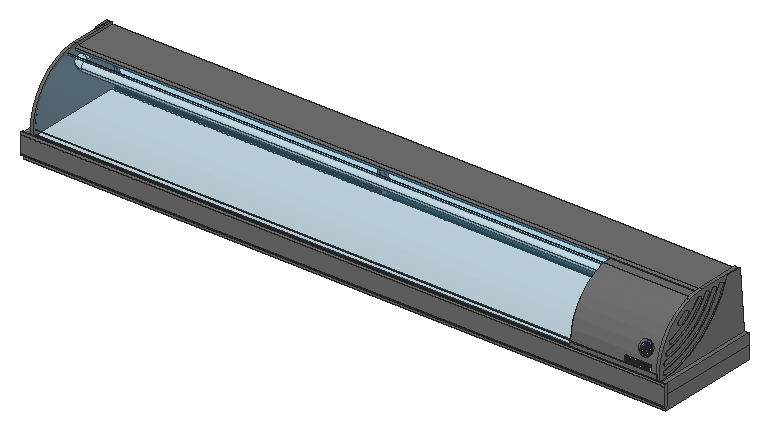
Revit family "QF_HOSHIZAKI_HNC-210BE-R-BH", category Specialty Equipment, Revit 2016
Family settings
  Part Type = Normal
  Round Connector Dimension = Use Diameter
  OmniClass Number = 23.40.40.14
  OmniClass Title = Food Service Equipment
  Work Plane-Based = No
  Always vertical = Yes
  Cut with Voids When Loaded = No
  Shared = No
  Room Calculation Point = No
Parameters (values of type "HNC-210BE-R-BH_230V/1Ph/50Hz")
  Weight = 47.00 kg
  Waste Remarks [instance] = ""
  Volts = 230 V
  URL Cutsheet = ""
  URL = "www.hoshizaki-europe.com"
  Status [instance] = ""
  Specification by User [instance] = ""
  Specification by Manufacturer [instance] = ""
  Serial Number = ""
  Seismic Rating = ""
  SMACNA No = ""
  Revision Code [instance] = ""
  Phase = 1
  Number of Poles = 2
  NAFEM Spec ID Number = ""
  Model = "HNC-210BE-R-BH"
  Min Ckt Ampacity = 0 A
  Max Overcurrent Protection = 0 A
  Masterspec = ""
  Manufacturer = "HOSHIZAKI"
  Length Actual = 2100 mm
  Item Number [instance] = ""
  Installed By [instance] = ""
  Indirect Waste Size = 50.8 mm
  Indirect Waste Connection Type [instance] = ""
  Indirect Waste Connection Height [instance] = 23 mm
  Identify Quantity as Lot [instance] = no
  Height Actual = 270 mm
  HP power = ""
  Furnished By [instance] = ""
  Foodservice Equipment Identifier [instance] = yes
  FL Amps = 0.6 A
  Electric power = 140 W
  Electric Connection Type [instance] = ""
  Elec Conn RI Height [instance] = 0 mm
  Elec Conn Connection Height [instance] = 19 mm
  Direct Waste RI Height [instance] = 0 mm
  Description = "SUSHI CASE, RIGHT SIDED - BLACK"
  Depth Actual = 345 mm
  Cycle = 50 Hz
  Cost = 0
  Conn Plug = ""
  Conn Conduit = no
  CSI MasterFormat = ""
  Assembly Code = "E1090320"
  Apparent Power = 140 VA
  Accessory = no
Reference planes
  plane 1 "Center (Front/Back)": y = 0
  plane 2: z = 0
  plane 3 "Center (Left/Right)": x = 0
Forms (mm)
  Extrusion 1, solid, not visible
    sketch origin (2069, -2, 18) x (1, 0, 0) y (0, 1, 0)
      loop
        line (0, 0) -> (2, 0) -> (2, 2) -> (0, 2) -> (0, 0)
    from 0 to 2
  Extrusion 2, solid, not visible
    sketch origin (67, -2, 22) x (1, 0, 0) y (0, 1, 0)
      loop
        line (0, 0) -> (2, 0) -> (2, 2) -> (0, 2) -> (0, 0)
    from 0 to 2
Dimensions and locks
  aligned and locked: level to plane 2
Nested families
  nested 1: "QF_HOSHIZAKI_HNC-210BE-R-BH_230V_1Ph_50Hz" at (0, 0, 0), type "HNC-210BE-R-BH_230V/1Ph/50Hz"
    with Status "", Specification by User "", Show Clearance yes, Revision Code "", Number of Poles 1, Item Number "", Installed By "", Identify Quantity as Lot no, Furnished By "", Foodservice Equipment Identifier yes, Electrical Remarks "", Electric Connection Type "", Elec Conn RI Height 0 mm, Elec Conn Connection Height 19 mm, Conn Conduit yes
Connectors
  electrical at (2070, 0, 19), driven by "Apparent Power", driven by "Number of Poles", driven by "Volts"
    settings: on Extrusion 1, index 1, voltage 230 V, apparent load 0 VA, apparent load phase1 140 VA, apparent load phase2 0 VA, apparent load phase3 0 VA, power factor 1, load classification "Other", number of poles 2, system type 31, power factor state 1, is connector primary yes, connector utility no, sub classification motor no, connector description "Electric connection for 'HNC-210BE-R-BH'"
  piping at (68, 0, 23), diameter 50.8, driven by "Indirect Waste Size"
    settings: on Extrusion 2, index 2, connector inside diameter 609.6 mm, connector length 0 mm, flow factor 0, pipe flow 0.0 L/s, pressure drop 0.0 Pa, fitting loss kfactor 0, connector angle 0.00°, fixture units 0, engagement length 0 mm, angle of deflection 0.00°, flow configuration 1, flow direction 2, fitting loss method 0, system type 16, joint type 0, gender type 0, connector reference index -1, connector utility 0, adjustable connector no, is connector primary yes, connector description "Drain connection for 'HNC-210BE-R-BH'"
Definition of nested family "QF_HOSHIZAKI_HNC-210BE-R-BH_230V_1Ph_50Hz"
  Parameters (values of type "HNC-210BE-R-BH_230V/1Ph/50Hz")
    Weight in Pounds = 103.6171
    Electric power = 150 W
    Volts = 230 V
    URL Cutsheet = "www.hoshizaki-europe.com"
    URL = "www.hoshizaki-europe.com"
    Status [instance] = ""
    Specification by User [instance] = ""
    Specification by Manufacturer = ""
    Show Logo = yes
    Show Clearance [instance] = yes
    Serial Number = ""
    Seismic Rating = ""
    SMACNA No = ""
    Revision Code [instance] = ""
    Phase = 1
    Number of Poles [instance] = 1
    NAFEM Spec ID Number = ""
    Model = "HNC-210BE-R-BH"
    Min Ckt Ampacity = 0 A
    Max Overcurrent Protection = 0 A
    Masterspec = ""
    Manufacturer = "HOSHIZAKI"
    Item Number [instance] = ""
    Installed By [instance] = ""
    Identify Quantity as Lot [instance] = no
    HP power = "0.201153000000"
    Furnished By [instance] = ""
    Foodservice Equipment Identifier [instance] = yes
    FL Amps = 20 A
    Electrical Remarks [instance] = ""
    Electric Connection Type [instance] = ""
    Elec Conn RI Height [instance] = 0 mm
    Elec Conn Connection Height [instance] = 19 mm
    Description = "SUSHI CASE, RIGHT SIDED - BLACK"
    Cycle = 50 Hz
    Conn Plug = ""
    Conn Conduit [instance] = yes
    CSI MasterFormat = ""
    Assembly Code = "E1090320"
    Apparent Power = 150 VA
  Reference planes
    plane 1 "Back": y = 0
    plane 2: z = 0
    plane 3 "Left": x = 0
    plane 4 "Right": x = 2100
    plane 5 "Front": y = -345
    plane 6 "Top": z = 270
  Forms (mm)
    Extrusion 1, solid
      sketch origin (2100, 0, 0) x (0, 1, 0) y (0, 0, -1)
        loop
          line (-335, -11.612) -> (-340, -11.612)
          arc (-340, -11.612) -> (-343.536, -13.076) -> (-345, -16.612) r 5
          line (-345, -16.612) -> (-345, -73.923)
          arc (-345, -73.923) -> (-343.536, -77.458) -> (-340, -78.923) r 5
          line (-340, -78.923) -> (-335, -78.923) -> (-335, -11.612)
      from 0 to 2100
    Extrusion 2, solid
      sketch origin (2096, 0, 0) x (0, 1, 0) y (0, 0, -1)
        loop
          line (0, 0) -> (-335, 0) -> (-335, -45.267) -> (0, -45.267) -> (0, 0)
      from 2092 to 0
    Extrusion 3, solid
      sketch origin (20, 0, 0) x (0, 1, 0) y (0, 0, 1)
        loop
          line (-335, 77.311) -> (-335, 45.267) -> (0, 45.267) -> (0, 81.612) -> (-16.482, 270) -> (-62.821, 270)
          arc (-62.821, 270) -> (-168.876, 131.23) -> (-335, 77.311) r 293.422
        loop
          arc (-83.709, 252.219) -> (-87.673, 258.508) -> (-95.039, 257.5) r 6.865
          arc (-95.039, 257.5) -> (-185.592, 150.044) -> (-318.029, 103.066) r 268.422
          arc (-318.029, 103.066) -> (-323.161, 96.407) -> (-317.08, 90.602) r 6.285
          arc (-317.08, 90.602) -> (-178.479, 139.765) -> (-83.709, 252.219) r 280.922
        loop
          arc (-111.859, 251.686) -> (-115.571, 258.059) -> (-122.925, 257.5) r 6.947
          arc (-122.925, 257.5) -> (-202.759, 168.597) -> (-315.28, 128.393) r 243.422
          arc (-315.28, 128.393) -> (-320.31, 121.62) -> (-314.06, 115.953) r 6.28
          arc (-314.06, 115.953) -> (-195.78, 158.227) -> (-111.859, 251.686) r 255.922
        loop
          arc (-140.937, 251.021) -> (-143.81, 258.338) -> (-151.626, 257.5) r 6.48
          arc (-151.626, 257.5) -> (-218.228, 188.332) -> (-308.057, 154.411) r 218.422
          arc (-308.057, 154.411) -> (-312.519, 147.451) -> (-306.269, 142.04) r 6.315
          arc (-306.269, 142.04) -> (-211.328, 177.909) -> (-140.937, 251.021) r 230.922
        loop
          arc (-173, 248.071) -> (-175.054, 255.795) -> (-183.042, 255.516) r 6.411
          arc (-183.042, 255.516) -> (-231.849, 209.297) -> (-293.527, 182.572) r 193.422
          arc (-293.527, 182.572) -> (-298.352, 176.046) -> (-293.13, 169.833) r 6.554
          arc (-293.13, 169.833) -> (-226.037, 198.16) -> (-173, 248.071) r 205.922
        loop
          arc (-225.482, 229.368) -> (-225.701, 237.193) -> (-233.285, 239.134) r 6.501
          arc (-233.285, 239.134) -> (-246.737, 229.431) -> (-261.08, 221.097) r 168.422
          arc (-261.08, 221.097) -> (-262.519, 213.318) -> (-255.34, 209.993) r 6.452
          arc (-255.34, 209.993) -> (-239.933, 218.945) -> (-225.482, 229.368) r 180.922
      from 0 to 5
    Extrusion 4, solid
      sketch origin (25, 0, 0) x (0, 1, 0) y (0, 0, 1)
        loop
          line (-335, 45.267) -> (0, 45.267) -> (0, 81.612) -> (-16.482, 270) -> (-157.482, 270)
          arc (-157.482, 270) -> (-288.48, 212.569) -> (-335, 77.311) r 178.115
          line (-335, 77.311) -> (-335, 45.267)
      from 0 to 10
    Extrusion 5, solid
      sketch origin (2080, 0, 0) x (0, 1, 0) y (0, 0, -1)
        loop
          arc (-335, -77.311) -> (-168.876, -131.23) -> (-62.821, -270) r 293.422
          line (-62.821, -270) -> (-16.482, -270) -> (0, -81.612) -> (0, -45.267) -> (-335, -45.267) -> (-335, -77.311)
        loop
          arc (-83.709, -252.219) -> (-178.479, -139.765) -> (-317.08, -90.602) r 280.922
          arc (-317.08, -90.602) -> (-323.161, -96.407) -> (-318.029, -103.066) r 6.285
          arc (-318.029, -103.066) -> (-185.592, -150.044) -> (-95.039, -257.5) r 268.422
          arc (-95.039, -257.5) -> (-87.673, -258.508) -> (-83.709, -252.219) r 6.865
        loop
          arc (-111.859, -251.686) -> (-195.78, -158.227) -> (-314.06, -115.953) r 255.922
          arc (-314.06, -115.953) -> (-320.31, -121.62) -> (-315.28, -128.393) r 6.28
          arc (-315.28, -128.393) -> (-202.759, -168.597) -> (-122.925, -257.5) r 243.422
          arc (-122.925, -257.5) -> (-115.571, -258.059) -> (-111.859, -251.686) r 6.947
        loop
          arc (-140.937, -251.021) -> (-211.328, -177.909) -> (-306.269, -142.04) r 230.922
          arc (-306.269, -142.04) -> (-312.519, -147.451) -> (-308.057, -154.411) r 6.315
          arc (-308.057, -154.411) -> (-218.228, -188.332) -> (-151.626, -257.5) r 218.422
          arc (-151.626, -257.5) -> (-143.81, -258.338) -> (-140.937, -251.021) r 6.48
        loop
          arc (-173, -248.071) -> (-226.037, -198.16) -> (-293.13, -169.833) r 205.922
          arc (-293.13, -169.833) -> (-298.352, -176.046) -> (-293.527, -182.572) r 6.554
          arc (-293.527, -182.572) -> (-231.849, -209.297) -> (-183.042, -255.516) r 193.422
          arc (-183.042, -255.516) -> (-175.054, -255.795) -> (-173, -248.071) r 6.411
        loop
          arc (-225.482, -229.368) -> (-239.933, -218.945) -> (-255.34, -209.993) r 180.922
          arc (-255.34, -209.993) -> (-262.519, -213.318) -> (-261.08, -221.097) r 6.452
          arc (-261.08, -221.097) -> (-246.737, -229.431) -> (-233.285, -239.134) r 168.422
          arc (-233.285, -239.134) -> (-225.701, -237.193) -> (-225.482, -229.368) r 6.501
      from 0 to 5
    Extrusion 6, solid
      sketch origin (2075, 0, 0) x (0, 1, 0) y (0, 0, -1)
        loop
          line (-335, -45.267) -> (-335, -77.311)
          arc (-335, -77.311) -> (-288.48, -212.569) -> (-157.482, -270) r 178.115
          line (-157.482, -270) -> (-16.482, -270) -> (0, -81.612) -> (0, -45.267) -> (-335, -45.267)
      from 0 to 10
    Extrusion 7, solid
      sketch origin (2100, 0, 0) x (0, 1, 0) y (0, 0, -1)
        loop
          line (-335.005, -77.311) -> (-335.597, -91.885) -> (-330.597, -91.885)
          arc (-330.597, -91.885) -> (-293.716, -198.698) -> (-198.787, -260) r 173.115
          line (-198.787, -260) -> (-15.607, -260) -> (0, -81.612) -> (0, -45.267) -> (-9.983, -45.267) -> (-9.983, -77.311) -> (-335.005, -77.311)
      from 35 to 317
    Extrusion 8, solid
      sketch origin (2100, 0, 0) x (0, 1, 0) y (0, 0, -1)
        loop
          line (-9.983, -45.267) -> (-335, -45.267) -> (-335, -67.293)
          arc (-335, -67.293) -> (-332.066, -74.377) -> (-324.983, -77.311) r 10.017
          line (-324.983, -77.311) -> (-20.035, -77.311)
          arc (-20.035, -77.311) -> (-12.951, -74.377) -> (-9.983, -67.293) r 10.017
          line (-9.983, -67.293) -> (-9.983, -45.267)
      from 35 to 2065
    Extrusion 9, solid
      sketch origin (2100, 0, 0) x (0, 1, 0) y (0, 0, -1)
        loop
          line (-16.044, -265) -> (-15.169, -255) -> (-166.142, -255) -> (-166.142, -260)
          arc (-166.142, -260) -> (-162.482, -263.66) -> (-157.482, -265) r 10
          line (-157.482, -265) -> (-16.044, -265)
      from 35 to 2065
    Extrusion 10, solid
      sketch origin (2100, 0, 0) x (0, 1, 0) y (0, 0, -1)
        loop
          line (-166.142, -260) -> (-166.142, -255) -> (-198.178, -255)
          arc (-198.178, -255) -> (-289.967, -195.377) -> (-325.597, -91.885) r 168.115
          line (-325.597, -91.885) -> (-325.597, -77.395) -> (-330.597, -77.395) -> (-330.597, -91.885)
          arc (-330.597, -91.885) -> (-293.716, -198.698) -> (-198.787, -260) r 173.115
          line (-198.787, -260) -> (-166.142, -260)
      from 317 to 2065
    Sweep 11, solid
      path origin (1201.432, 0, 230) x (-1, 0, 0) y (0, -1, 0)
        loop
          line (1072.551, 50.66) -> (1112.551, 50.66)
          arc (1112.551, 50.66) -> (1140.051, 62.051) -> (1151.442, 89.551) r 38.891
          line (1151.442, 89.551) -> (1151.442, 153.787)
          arc (1151.442, 153.787) -> (1142.122, 176.287) -> (1119.622, 185.607) r 31.82
          line (1119.622, 185.607) -> (-580.378, 185.607)
      profile origin (108.88, -50.66, 230) x (0, -1, 0) y (0, 0, 1)
        loop
          circle (0, 0) r 12.5
    Extrusion 12, solid
      sketch origin (2100, 0, 0) x (0, 1, 0) y (0, 0, -1)
        loop
          line (0, -45.267) -> (-10, -45.267) -> (-10, -77.311) -> (-5, -77.311) -> (-5, -81.612) -> (-6.743, -101.536) -> (-1.743, -101.536) -> (0, -81.612) -> (0, -45.267)
      from 317 to 2065
    Extrusion 13, solid
      sketch origin (1200, 0, 0) x (0, 1, 0) y (0, 0, -1)
        loop
          line (-6.743, -101.536) -> (-20.169, -255) -> (-15.169, -255) -> (-1.743, -101.536) -> (-6.743, -101.536)
      from 1150 to 1165
    Extrusion 14, solid
      sketch origin (1783, -10, 0) x (0, 1, 0) y (0, 0, -1)
        loop
          line (-5, -77.311) -> (-9.917, -77.311) -> (-9.917, -80.666) -> (-25.169, -255) -> (-20.169, -255) -> (-5, -81.612) -> (-5, -77.311)
      from 0 to 850
    Extrusion 15, solid
      sketch origin (2100, 0, 0) x (-1, 0, 0) y (0, 0, -1)
        loop
          line (20, -45.267) -> (4, -45.267) -> (4, -78.923) -> (20, -78.923) -> (20, -45.267)
      from 0 to 335
    Extrusion 16, solid
      sketch origin (20, 0, 0) x (-1, 0, 0) y (0, 0, -1)
        loop
          line (16, -45.267) -> (0, -45.267) -> (0, -78.923) -> (16, -78.923) -> (16, -45.267)
      from 0 to 335
    Extrusion 17, solid
      sketch origin (2070, 5, 19) x (-1, 0, 0) y (0, 0, -1)
        loop
          circle (0, 0) r 5
      from 0 to 5
    Extrusion 18, solid
      sketch origin (600, 0, 0) x (0, 1, 0) y (0, 0, -1)
        loop
          line (-5, -77.311) -> (-9.917, -77.311) -> (-9.917, -80.666) -> (-25.169, -255) -> (-20.169, -255) -> (-5, -81.612) -> (-5, -77.311)
      from -300 to 550
    Extrusion 19, solid
      sketch origin (900, 0, 0) x (0, 1, 0) y (0, 0, 1)
        loop
          line (-6.743, 101.536) -> (-2.401, 109.056) -> (-14.603, 248.524) -> (-20.169, 255) -> (-25.169, 255) -> (-9.917, 80.666) -> (-4.917, 80.666) -> (-6.743, 101.536)
      from 16 to 0
    Extrusion 20, solid
      sketch origin (917, -10, 0) x (0, 1, 0) y (0, 0, 1)
        loop
          line (-6.743, 101.536) -> (-2.401, 109.056) -> (-14.603, 248.524) -> (-20.169, 255) -> (-25.169, 255) -> (-9.917, 80.666) -> (-4.917, 80.666) -> (-6.743, 101.536)
      from 16 to 0
    Extrusion 21, solid, visible <- "Show Logo"
      sketch origin (1913.022, -388.555, -502.69) x (1, 0, 0) y (0, 0.087156, 0.996195)
        loop
          line (55.338, 616.136) -> (55.338, 615.183) -> (56.401, 614.569) -> (56.401, 609.537) -> (55.338, 608.924) -> (55.338, 607.971) -> (59.638, 607.971) -> (59.638, 608.924) -> (58.286, 609.537) -> (58.286, 611.434) -> (61.704, 611.434) -> (61.704, 609.537) -> (60.353, 608.924) -> (60.353, 607.971) -> (64.652, 607.971) -> (64.652, 608.924) -> (63.589, 609.537) -> (63.589, 614.569) -> (64.652, 615.183) -> (64.652, 616.136) -> (60.353, 616.136) -> (60.353, 615.183) -> (61.704, 614.569) -> (61.704, 612.924) -> (58.286, 612.924) -> (58.286, 614.569) -> (59.638, 615.183) -> (59.638, 616.136) -> (55.338, 616.136)
        loop
          spline (69.001, 608.002) -> (70.129, 608.14) -> (71.179, 608.547) -> (72.081, 609.193) -> (72.773, 610.035) -> (73.209, 611.016) -> (73.357, 612.069) -> (73.209, 613.121) -> (72.773, 614.102) -> (72.081, 614.944) -> (71.179, 615.591) -> (70.129, 615.997) -> (69.001, 616.136)
          spline (69.001, 616.136) -> (67.874, 615.997) -> (66.824, 615.591) -> (65.922, 614.944) -> (65.229, 614.102) -> (64.794, 613.121) -> (64.646, 612.069) -> (64.794, 611.016) -> (65.229, 610.035) -> (65.922, 609.193) -> (66.824, 608.547) -> (67.874, 608.14) -> (69.001, 608.002)
        loop
          spline (68.927, 609) -> (69.484, 609.105) -> (70.004, 609.411) -> (70.45, 609.899) -> (70.792, 610.534) -> (71.007, 611.274) -> (71.08, 612.069) -> (71.007, 612.863) -> (70.792, 613.603) -> (70.45, 614.239) -> (70.004, 614.726) -> (69.484, 615.033) -> (68.927, 615.137)
          spline (68.927, 615.137) -> (68.37, 615.033) -> (67.851, 614.726) -> (67.405, 614.239) -> (67.063, 613.603) -> (66.847, 612.863) -> (66.774, 612.069) -> (66.847, 611.274) -> (67.063, 610.534) -> (67.405, 609.899) -> (67.851, 609.411) -> (68.37, 609.105) -> (68.927, 609)
        loop
          line (81.179, 616.194) -> (79.474, 615.758)
          arc (79.474, 615.758) -> (77.281, 616.22) -> (75.089, 615.753) r 5.403
          arc (75.089, 615.753) -> (73.886, 613.9) -> (75.089, 612.047) r 2.029
          line (75.089, 612.047) -> (78.971, 610.634)
          arc (78.971, 610.634) -> (79.436, 609.97) -> (78.971, 609.307) r 0.706
          arc (78.971, 609.307) -> (77.855, 609.11) -> (76.74, 609.307) r 3.262
          line (76.74, 609.307) -> (75.274, 610.772) -> (73.787, 610.772) -> (73.787, 608.097) -> (75.666, 608.577)
          arc (75.666, 608.577) -> (78.223, 607.78) -> (80.78, 608.577) r 4.5
          arc (80.78, 608.577) -> (81.48, 610.43) -> (80.78, 612.283) r 2.804
          line (80.78, 612.283) -> (76.487, 613.433)
          arc (76.487, 613.433) -> (75.882, 614.221) -> (76.487, 615.009) r 0.816
          arc (76.487, 615.009) -> (77.614, 615.157) -> (78.742, 615.009) r 4.357
          line (78.742, 615.009) -> (79.927, 613.433) -> (81.179, 613.433) -> (81.179, 616.194)
        loop
          line (82.271, 616.136) -> (82.271, 615.183) -> (83.334, 614.569) -> (83.334, 609.537) -> (82.271, 608.924) -> (82.271, 607.971) -> (86.57, 607.971) -> (86.57, 608.924) -> (85.219, 609.537) -> (85.219, 611.434) -> (88.636, 611.434) -> (88.636, 609.537) -> (87.285, 608.924) -> (87.285, 607.971) -> (91.585, 607.971) -> (91.585, 608.924) -> (90.522, 609.537) -> (90.522, 614.569) -> (91.585, 615.183) -> (91.585, 616.136) -> (87.285, 616.136) -> (87.285, 615.183) -> (88.636, 614.569) -> (88.636, 612.924) -> (85.219, 612.924) -> (85.219, 614.569) -> (86.57, 615.183) -> (86.57, 616.136) -> (82.271, 616.136)
        loop
          line (96.706, 616.136) -> (92.416, 616.136) -> (92.416, 615.183) -> (93.479, 614.569) -> (93.479, 609.537) -> (92.416, 608.924) -> (92.416, 607.971) -> (96.706, 607.971) -> (96.706, 608.924) -> (95.643, 609.537) -> (95.643, 614.569) -> (96.706, 615.183) -> (96.706, 616.136)
        loop
          line (97.667, 616.136) -> (97.667, 612.671) -> (98.907, 612.671) -> (98.907, 614.463) -> (99.558, 615.114) -> (102.547, 615.114) -> (97.667, 609.299) -> (97.667, 607.971) -> (104.908, 607.971) -> (104.908, 611.273) -> (103.649, 611.273) -> (103.649, 609.958) -> (102.708, 609.299) -> (100.239, 609.299) -> (104.908, 614.862) -> (104.908, 616.136) -> (97.667, 616.136)
        loop
          line (105.624, 607.971) -> (109.33, 607.971) -> (109.33, 609.028) -> (107.454, 609.028) -> (108.104, 610.636) -> (111.138, 610.636) -> (111.792, 609.702) -> (111.119, 609.028) -> (110.298, 609.028) -> (110.298, 607.971) -> (114.469, 607.971) -> (114.469, 609.299) -> (110.933, 616.136) -> (109.33, 616.136) -> (106.458, 609.028) -> (105.624, 609.028) -> (105.624, 607.971)
        loop
          line (114.779, 616.136) -> (114.779, 615.083) -> (116.046, 615.083) -> (116.046, 609.299) -> (114.99, 609.299) -> (114.99, 607.971) -> (118.696, 607.971) -> (117.926, 609.461) -> (117.926, 610.349) -> (119.101, 611.525) -> (121.327, 609.299) -> (120.053, 609.299) -> (120.053, 607.971) -> (124.657, 607.971) -> (124.657, 609.299) -> (123.759, 609.299) -> (120.592, 613.016) -> (122.659, 615.083) -> (123.759, 615.083) -> (123.759, 616.136) -> (120.053, 616.136) -> (120.053, 615.083) -> (121.071, 615.083) -> (117.926, 611.937) -> (118.696, 615.083) -> (118.696, 616.136) -> (114.779, 616.136)
        loop
          line (129.485, 616.136) -> (125.196, 616.136) -> (125.196, 615.183) -> (126.259, 614.569) -> (126.259, 609.537) -> (125.196, 608.924) -> (125.196, 607.971) -> (129.485, 607.971) -> (129.485, 608.924) -> (128.422, 609.537) -> (128.422, 614.569) -> (129.485, 615.183) -> (129.485, 616.136)
        loop
          line (109.583, 614.299) -> (108.553, 611.748) -> (110.666, 611.748) -> (109.583, 614.299)
        loop
          line (52.372, 617.338) -> (52.372, 606.471) -> (131.113, 606.471) -> (131.113, 617.338) -> (52.372, 617.338)
        loop
          line (133.113, 619.338) -> (50.372, 619.338) -> (50.372, 604.471) -> (133.113, 604.471) -> (133.113, 619.338)
      from -1 to 1
    Extrusion 22, solid, visible <- "Show Logo"
      sketch origin (1923.022, -389.8, -522.657) x (1, 0, 0) y (0, 0.087156, 0.996195)
        loop
          line (42.372, 637.338) -> (42.372, 626.471) -> (121.113, 626.471) -> (121.113, 637.338) -> (42.372, 637.338)
      from -1 to 1
    Extrusion 23, solid, visible <- "Show Logo"
      sketch origin (2482.337, -1020.907, -1575.175) x (-1, 0, 0) y (0, -0.374607, -0.927184)
        loop
          circle (459.884, -1862.5) r 13.99
      from 0 to 2.5
    Extrusion 24, solid, visible <- "Show Logo"
      sketch origin (2482.337, -1021.37, -1574.988) x (-1, 0, 0) y (0, -0.374607, -0.927184)
        loop
          circle (459.884, -1862.5) r 15
        loop
          arc (446.884, -1862.5) -> (460.705, -1875.474) -> (472.781, -1860.863) r 13
          line (472.781, -1860.863) -> (470.355, -1858.437) -> (469.346, -1862.201) -> (466.355, -1863.928) -> (465.024, -1865.26) -> (463.375, -1865.26) -> (462.04, -1870.241) -> (457.755, -1870.241) -> (459.339, -1867.979) -> (460.402, -1864.014) -> (461.224, -1860.945) -> (462.416, -1856.497) -> (461.216, -1855.297) -> (459.433, -1857.843) -> (455.784, -1851.523) -> (460.361, -1851.523) -> (461.471, -1853.446) -> (469.213, -1853.446)
          arc (469.213, -1853.446) -> (460.394, -1849.51) -> (451.293, -1852.743) r 13
          line (451.293, -1852.743) -> (455.577, -1853.891) -> (453.752, -1856.497) -> (455.349, -1856.497) -> (454.477, -1866.459) -> (452.538, -1866.459) -> (446.884, -1862.5)
        loop
          line (447.853, -1857.467) -> (452.313, -1861.926) -> (450.144, -1853.891)
          arc (450.144, -1853.891) -> (448.878, -1855.602) -> (447.853, -1857.467) r 15.828
        loop
          line (463.583, -1862.877) -> (466.64, -1862.399) -> (464.901, -1861.285) -> (463.583, -1857.664) -> (463.583, -1862.877)
        loop
          line (464.827, -1855.979) -> (468.296, -1856.908) -> (469.573, -1854.916) -> (468.881, -1854.224) -> (467.914, -1855.035) -> (464.827, -1855.979)
        loop
          line (462.609, -1872.307) -> (462.609, -1874.009) -> (464.927, -1873.388) -> (462.609, -1872.307)
        loop
          line (460.361, -1874.662) -> (459.594, -1873.335) -> (460.801, -1872.638) -> (459.186, -1872.205) -> (458.298, -1874.11) -> (460.361, -1874.662)
        loop
          line (459.623, -1846.783) -> (460.706, -1845.701) -> (462.247, -1845.701) -> (461.191, -1844.645) -> (461.503, -1842.874) -> (459.623, -1843.959) -> (457.743, -1842.874) -> (458.055, -1844.645) -> (456.999, -1845.701) -> (458.54, -1845.701) -> (459.623, -1846.783)
        loop
          line (446.86, -1853.7) -> (446.594, -1852.191) -> (447.478, -1850.929) -> (446.007, -1851.188) -> (444.736, -1849.917) -> (444.547, -1852.08) -> (442.579, -1852.997) -> (444.209, -1853.757) -> (444.468, -1855.228) -> (445.352, -1853.965) -> (446.86, -1853.7)
        loop
          line (452.395, -1848.68) -> (452.856, -1847.219) -> (454.223, -1846.508) -> (452.799, -1846.059) -> (452.258, -1844.344) -> (451.091, -1846.175) -> (448.922, -1846.08) -> (450.017, -1847.507) -> (449.568, -1848.931) -> (450.935, -1848.219) -> (452.395, -1848.68)
        loop
          line (472.909, -1853.7) -> (474.417, -1853.965) -> (475.301, -1855.228) -> (475.56, -1853.757) -> (477.19, -1852.997) -> (475.222, -1852.08) -> (475.033, -1849.917) -> (473.761, -1851.188) -> (472.291, -1850.929) -> (473.175, -1852.191) -> (472.909, -1853.7)
        loop
          line (467.374, -1848.68) -> (468.834, -1848.219) -> (470.201, -1848.931) -> (469.752, -1847.507) -> (470.847, -1846.08) -> (468.678, -1846.175) -> (467.511, -1844.344) -> (466.97, -1846.059) -> (465.546, -1846.508) -> (466.913, -1847.219) -> (467.374, -1848.68)
      from 0 to 2.5
    Extrusion 25, solid, visible <- "Show Logo"
      sketch origin (2482.337, -1021.37, -1574.988) x (-1, 0, 0) y (0, -0.374607, -0.927184)
        loop
          line (462.609, -1874.009) -> (462.609, -1872.307) -> (462.085, -1870.241) -> (457.755, -1870.241) -> (459.339, -1867.979) -> (462.416, -1856.497) -> (461.216, -1855.297) -> (459.433, -1857.843) -> (455.808, -1851.565) -> (453.948, -1851.565) -> (455.577, -1853.891) -> (454.477, -1866.459) -> (456.345, -1871.339)
          arc (456.345, -1871.339) -> (456.868, -1874.025) -> (459.213, -1875.435) r 3.366
          arc (459.213, -1875.435) -> (460.198, -1875.496) -> (461.183, -1875.435) r 8.046
          line (461.183, -1875.435) -> (462.609, -1874.009)
        loop
          line (456.854, -1851.523) -> (460.361, -1851.523) -> (460.916, -1852.485) -> (462.702, -1852.485) -> (463.779, -1851.407) -> (460.623, -1851.407) -> (461.563, -1850.468) -> (456.245, -1850.468) -> (456.854, -1851.523)
        loop
          line (460.361, -1874.662) -> (459.594, -1873.335) -> (460.801, -1872.638) -> (459.186, -1872.205) -> (458.298, -1874.11) -> (460.361, -1874.662)
      from 0 to 2.5
    Extrusion 26, solid, visible <- "Show Logo"
      sketch origin (2467.953, -534.33, -370.856) x (-1, 0, 0) y (0, -0.374607, -0.927184)
        loop
          circle (445.5, -563.6) r 22.5
      from 0 to 2
  Lines and regions (mm)
    symbolic lines
      curve 1: line (2100, -335, 0) -> (2100, -345, 0)
      curve 2: line (2100, -345, 0) -> (0, -345, 0)
      curve 3: line (0, -345, 0) -> (0, -335, 0)
      curve 4: line (0, -335, 0) -> (4, -335, 0)
      curve 5: line (4, -335, 0) -> (4, 0, 0)
      curve 6: line (4, 0, 0) -> (2096, 0, 0)
      curve 7: line (2065, 0, 0) -> (2065, 5, 0)
      curve 8: line (2065, 5, 0) -> (2075, 5, 0)
      curve 9: line (2075, 5, 0) -> (2075, 0, 0)
      curve 10: line (2096, 0, 0) -> (2096, -335, 0)
      curve 11: line (2096, -335, 0) -> (2100, -335, 0)
      curve 12: line (2096, -335, 0) -> (4, -335, 0)
      curve 13: line (35, -335, 0) -> (35, 0, 0)
      curve 14: line (2065, -335, 0) -> (2065, 0, 0)
      curve 15: line (1783, 0, 0) -> (1783, -335, 0)
      curve 16: line (35, -166.142, 0) -> (1783, -166.142, 0)
  Dimensions and locks
    aligned and locked: level to plane 2
  Connectors
    electrical at (2070, 5, 19), driven by "Apparent Power", driven by "Volts", driven by "Number of Poles"
      settings: on Extrusion 17, index 2, voltage 230 V, apparent load 0 VA, apparent load phase1 150 VA, apparent load phase2 0 VA, apparent load phase3 0 VA, power factor 1, load classification none, number of poles 1, system type 31, power factor state 1, is connector primary yes, connector utility no, sub classification motor no, connector description "Electrical connection"
